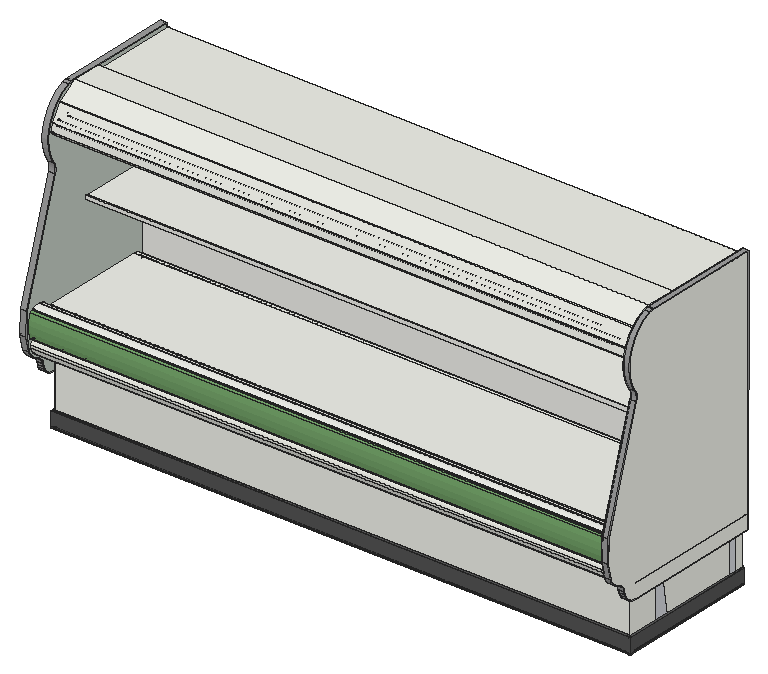
Revit family "IP2SL_2014", category Specialty Equipment, Revit 2014
Parameters (values of type "12'-0" Length")
  Width = 144 1/2"
  Waste Drain Location = if(Width < 144", 24 1/8", 72 3/16")  # 72 3/16"
  Waste Drain = 1 1/4"  # constant formula
  URL = "www.hussmann.com"
  Type Comments = ""
  Trim = Stainless Steel
  Total Weight = Case Weight + (2 * End Weight)  # 1550.00 lbf
  Top Clearance = 1 1/2"  # constant formula
  Splashguard = Textured Sheet Metal (Steel Painted) - 701 Black
  Side Panel - Right [instance] = yes
  Side Panel - Left [instance] = yes
  Shelves = Sheet Metal (Steel Painted) - 700 Interior White
  Shelf Lights [instance] = yes
  Revit Family Date = "01/22/2016"  # constant formula
  Refrigeration Lines Suction = 7/8"  # constant formula
  Refrigeration Lines Liquid = 3/8"  # constant formula
  Refrig. Suction = "Suction"
  Refrig. Liquid = "Liquid"
  Number of Supports = if(Width = 48 1/8", 2, if(Width = 72 1/4", 3, if(Width = 96 1/4", 3, if(Width = 144 1/2", 4, 0))))  # 4
  Number of Shelves = 2  # constant formula
  Note from Manufacturer = "This model only comes in 4'-0\", 6'-0\", 8'-0\", and 12'-0\" lengths."
  Model = "IP2SL"  # constant formula
  Manufacturer Disclaimer = "The information in this file is not intended to be an exact representation of the corresponding Hussmann product.  Further, we reserve the right to change or revise specifications and product design in connection with any feature of our products. Such changes do not entitle the buyer to corresponding changes, improvements, additions, or replacements for equipment previously sold or shipped."  # constant formula
  Manufacturer = "Hussmann Corporation"  # constant formula
  Height = 75 1/4"  # constant formula
  Ends = Textured Sheet Metal (Steel Painted) - 149 White Satin Matte
  End Weight = 75.00 lbf  # constant formula
  Description = ""
  Depth = 43 5/8"  # constant formula
  Clearance [instance] = no
  Case Weight = if(Width = 48 1/8", 500.00 lbf, if(Width = 72 1/4", 900.00 lbf, if(Width = 96 1/4", 1050.00 lbf, if(Width = 144 1/2", 1400.00 lbf, 0.00 lbf))))  # 1400.00 lbf
  Case Interior - Side Panel = Mirror
  Case Interior - Back Panel = Sheet Metal (Steel Painted) - 700 Interior White
  Case = Textured Sheet Metal (Steel Painted) - 149 White Satin Matte
  Bumper = Extruded PVC - 731 Garden Green
  Back Clearance = 1 1/2"  # constant formula
  Assembly Code = ""
  Accessories/Options = ""
  8 Case = Width = 72 1/4"  # no
  6 Case = Width = 96 1/4"  # no
  12 Case = Width = 144 1/2"  # yes
Reference planes (in)
  plane 1 "Back": y = 0
  plane 2 "Bottom": z = 0
  plane 3 "Top": z = 75.25
  plane 4 "Left": x = -77.30699
  plane 5 "Front": y = -43.625
  plane 6 "Center (Left/Right)": x = -5.05699
  plane 7: y = 1.5
  plane 8: x = -78.80699
  plane 9 "Right": x = 67.19301
  plane 10: x = 68.69301
  plane 11: z = 76.75
  plane 12: y = -35.22197
  plane 13: z = 48
Forms (in)
  Extrusion 1, solid, material "Metal - Copper"
    sketch origin (63.0625, 1.04319, 0) x (1, 0, 0) y (0, 1, 0)
      loop
        arc (-68.05699, -33.91819) -> (-68.49893, -34.10125) -> (-68.68199, -34.54319) r 0.625
        arc (-68.68199, -34.54319) -> (-68.49893, -34.98513) -> (-68.05699, -35.16819) r 0.625
        arc (-68.05699, -35.16819) -> (-67.61504, -34.98513) -> (-67.43199, -34.54319) r 0.625
        arc (-67.43199, -34.54319) -> (-67.61504, -34.10125) -> (-68.05699, -33.91819) r 0.625
      loop
        circle (-68.05699, -34.54319) r 0.5852
    from 16.13709 to 0
  Extrusion 2, solid, material "Metal - Copper"
    sketch origin (57.40105, 5, -0.375) x (1, 0, 0) y (0, 1, 0)
      loop
        circle (0.72946, -34) r 0.41359
      loop
        circle (0.72946, -34) r 0.4375
    from 16.51209 to 0.375
  Extrusion 3, solid, material "Metal - Copper"
    sketch origin (59.82608, 5, -0.375) x (1, 0, 0) y (0, 1, 0)
      loop
        circle (-1.07057, -34) r 0.17188
      loop
        circle (-1.07057, -34) r 0.1875
    from 16.51209 to 0.375
  Extrusion 4, solid, material "Textured Sheet Metal (Steel Painted) - 149 White Satin Matte" <- "Case"
    sketch origin (67.19301, 0, 0) x (0, 0, 1) y (0, -1, 0)
      loop
        line (16.13254, 29.11766) -> (15.06193, 27.11259)
        arc (15.06193, 27.11259) -> (15.00398, 27.02671) -> (14.90746, 26.98907) r 0.17379
        line (14.90746, 26.98907) -> (14.30842, 27.00798) -> (13.78357, 26.96206) -> (13.78357, 25.71078)
        arc (13.78357, 25.71078) -> (13.66295, 25.38384) -> (13.35892, 25.21356) r 0.50341
        line (13.35892, 25.21356) -> (10.73591, 24.79805) -> (10.73591, 17.35203)
        arc (10.73591, 17.35203) -> (10.75969, 17.23248) -> (10.82741, 17.13113) r 0.3124
        line (10.82741, 17.13113) -> (10.94297, 17.01558)
        arc (10.94297, 17.01558) -> (10.97432, 16.97346) -> (10.99227, 16.92411) r 0.18108
        arc (10.99227, 16.92411) -> (11.4695, 12.24793) -> (10.99227, 7.57175) r 23.14851
        arc (10.99227, 7.57175) -> (10.97432, 7.52241) -> (10.94297, 7.48029) r 0.18108
        line (10.94297, 7.48029) -> (10.82806, 7.36539)
        arc (10.82806, 7.36539) -> (10.75986, 7.26331) -> (10.73591, 7.14291) r 0.31463
        line (10.73591, 7.14291) -> (10.73591, 4.30582) -> (10.73591, 3.98364) -> (13.28115, 3.98369)
        arc (13.28115, 3.98369) -> (13.63712, 3.83625) -> (13.78457, 3.48028) r 0.50341
        line (13.78457, 3.48028) -> (13.78457, 2.37572) -> (14.84062, 2.3278) -> (16.79067, 0.37803)
        arc (16.79067, 0.37803) -> (17.19155, 0.09851) -> (17.67022, 0) r 1.21221
        line (17.67022, 0) -> (74.5199, 0)
        arc (74.5199, 0) -> (74.5911, 0.02949) -> (74.62059, 0.10069) r 0.10069
        line (74.62059, 0.10069) -> (74.62059, 21.81083) -> (75.66151, 21.81083) -> (75.66151, 29.15797) -> (72.66057, 33.68923)
        arc (72.66057, 33.68923) -> (72.64294, 33.80052) -> (72.57022, 33.88659) r 0.20951
        line (72.57022, 33.88659) -> (68.9735, 36.11894)
        arc (68.9735, 36.11894) -> (68.94251, 36.13473) -> (68.9093, 36.1451) r 0.2066
        line (68.9093, 36.1451) -> (67.05774, 36.55591)
        arc (67.05774, 36.55591) -> (66.99963, 36.5549) -> (66.94831, 36.52762) r 0.12446
        line (66.94831, 36.52762) -> (66.52031, 36.14892)
        arc (66.52031, 36.14892) -> (66.48931, 36.10682) -> (66.47833, 36.05571) r 0.12446
        line (66.47833, 36.05571) -> (66.47833, 35.65886)
        arc (66.47833, 35.65886) -> (66.48683, 35.61365) -> (66.51117, 35.57462) r 0.12446
        line (66.51117, 35.57462) -> (66.6934, 35.37644)
        arc (66.6934, 35.37644) -> (66.85402, 35.24175) -> (67.03449, 35.1351) r 1.27904
        arc (67.03449, 35.1351) -> (67.22713, 35.17628) -> (67.4175, 35.22693) r 3.98338
        arc (67.4175, 35.22693) -> (67.49224, 35.23914) -> (67.5553, 35.19722) r 0.10356
        line (67.5553, 35.19722) -> (67.62256, 35.11046)
        arc (67.62256, 35.11046) -> (67.71447, 35.05343) -> (67.81673, 35.01818) r 0.48533
        line (67.81673, 35.01818) -> (68.32397, 34.91104) -> (68.60733, 34.83235)
        arc (68.60733, 34.83235) -> (68.69373, 34.80039) -> (68.7852, 34.78953) r 0.39085
        line (68.7852, 34.78953) -> (69.0617, 34.78929)
        arc (69.0617, 34.78929) -> (69.10581, 34.77099) -> (69.12407, 34.72687) r 0.06242
        line (69.12407, 34.72687) -> (69.12407, 34.47465)
        spline (69.12407, 34.47465) -> (69.12353, 34.46643) -> (69.12193, 34.45836) -> (69.11928, 34.45057) -> (69.11564, 34.44319) -> (69.11107, 34.43634) -> (69.10564, 34.43016) -> (69.09946, 34.42473) -> (69.09261, 34.42016) -> (69.08523, 34.41652) -> (69.07744, 34.41387) -> (69.06937, 34.41227) -> (69.06115, 34.41173)
        line (69.06115, 34.41173) -> (68.80992, 34.41173)
        spline (68.80992, 34.41173) -> (68.80171, 34.41119) -> (68.79363, 34.40958) -> (68.78584, 34.40694) -> (68.77846, 34.4033) -> (68.77162, 34.39873) -> (68.76543, 34.3933) -> (68.76, 34.38711) -> (68.75543, 34.38027) -> (68.75179, 34.37289) -> (68.74915, 34.3651) -> (68.74754, 34.35702) -> (68.747, 34.34881)
        line (68.747, 34.34881) -> (68.747, 33.90832) -> (69.12407, 33.90832) -> (69.12407, 32.21988) -> (69.12407, 31.75108)
        arc (69.12407, 31.75108) -> (69.08747, 31.66272) -> (68.99911, 31.62612) r 0.12496
        line (68.99911, 31.62612) -> (68.78482, 31.62612)
        arc (68.78482, 31.62612) -> (68.6966, 31.58958) -> (68.66006, 31.50136) r 0.12475
        line (68.66006, 31.50136) -> (68.66006, 30.8744) -> (70.35409, 30.8744) -> (71.37769, 29.65517) -> (72.543, 28.26714) -> (74.54941, 28.26714) -> (74.54941, 27.84301) -> (73.06833, 27.84301) -> (73.06833, 24.23073) -> (71.60063, 24.23073) -> (71.58977, 22.9866) -> (69.77813, 23.00241) -> (69.63461, 6.55647) -> (27.60147, 6.55647)
        arc (27.60147, 6.55647) -> (27.29825, 7.28586) -> (26.55078, 7.54124) r 0.96044
        arc (26.55078, 7.54124) -> (24.31615, 8.81496) -> (23.20128, 11.13294) r 4.32097
        line (23.20128, 11.13294) -> (21.22851, 24.54042) -> (21.22851, 33.40032)
        arc (21.22851, 33.40032) -> (21.16181, 33.64924) -> (20.97959, 33.83146) r 0.49783
        line (20.97959, 33.83146) -> (19.85216, 34.48238)
        arc (19.85216, 34.48238) -> (19.66864, 34.6659) -> (19.60147, 34.91659) r 0.50139
        line (19.60147, 34.91659) -> (19.60147, 37.12119)
        arc (19.60147, 37.12119) -> (19.61644, 37.24237) -> (19.66047, 37.35626) r 0.49783
        line (19.66047, 37.35626) -> (20.04943, 38.08237)
        arc (20.04943, 38.08237) -> (20.22636, 38.27123) -> (20.4739, 38.3467) r 0.50139
        line (20.4739, 38.3467) -> (20.74462, 38.35616)
        arc (20.74462, 38.35616) -> (21.08779, 38.50894) -> (21.22851, 38.85724) r 0.50139
        line (21.22851, 38.85724) -> (21.22851, 39.67093)
        arc (21.22851, 39.67093) -> (21.37536, 40.02546) -> (21.72989, 40.17232) r 0.50139
        line (21.72989, 40.17232) -> (22.20163, 40.17232)
        arc (22.20163, 40.17232) -> (22.39215, 40.21021) -> (22.55366, 40.31813) r 0.49783
        line (22.55366, 40.31813) -> (23.24233, 41.00681)
        arc (23.24233, 41.00681) -> (23.40384, 41.11472) -> (23.59435, 41.15262) r 0.49783
        line (23.59435, 41.15262) -> (29.31105, 41.15262) -> (29.31105, 42.16071) -> (23.38908, 42.16071) -> (23.17886, 42.37093)
        spline (23.17886, 42.37093) -> (23.18654, 42.36158) -> (23.19225, 42.3509) -> (23.19576, 42.33932) -> (23.19695, 42.32728) -> (23.19576, 42.31524) -> (23.19225, 42.30366) -> (23.18654, 42.29299) -> (23.17887, 42.28363) -> (23.16951, 42.27596) -> (23.15884, 42.27025) -> (23.14726, 42.26674) -> (23.13521, 42.26555)
        line (23.13521, 42.26555) -> (22.83811, 42.26555) -> (22.83811, 42.38258)
        arc (22.83811, 42.38258) -> (22.44526, 42.76126) -> (21.94778, 42.98542) r 1.59546
        arc (21.94778, 42.98542) -> (21.58728, 43.01726) -> (21.23583, 42.93093) r 1.10499
        line (21.23583, 42.93093) -> (19.93921, 42.37448)
        arc (19.93921, 42.37448) -> (19.85988, 42.32321) -> (19.80195, 42.2486) r 0.28177
        line (19.80195, 42.2486) -> (16.74132, 36.53503) -> (16.97935, 36.40752) -> (16.13254, 34.82669) -> (16.13254, 29.11766)
    from 0 to -144.5
  Extrusion 5, solid, material "Extruded PVC - 731 Garden Green" <- "Bumper"
    sketch origin (67.19301, 0, 0) x (0, 0, 1) y (0, -1, 0)
      loop
        arc (23.53109, 43.2207) -> (23.25853, 43.00849) -> (23.07652, 42.7149) r 0.98023
        arc (23.07652, 42.7149) -> (23.06405, 42.68197) -> (23.05264, 42.64866) r 1.10618
        arc (23.05264, 42.64866) -> (23.05682, 42.54529) -> (23.09897, 42.45082) r 0.27444
        line (23.09897, 42.45082) -> (23.38908, 42.16071) -> (29.31105, 42.16071) -> (29.75222, 42.35628)
        arc (29.75222, 42.35628) -> (29.72676, 42.53869) -> (29.67321, 42.7149) r 1.17936
        arc (29.67321, 42.7149) -> (29.51565, 42.98021) -> (29.28342, 43.18339) r 0.98023
        arc (29.28342, 43.18339) -> (26.41024, 43.66217) -> (23.53109, 43.2207) r 9.21958
    from 0 to -144.5
  Extrusion 6, solid, material "Sheet Metal (Steel Painted) - 700 Interior White" <- "Shelves"
    sketch origin (67.19301, 0, 0) x (0, 0, 1) y (0, -1, 0)
      loop
        line (28.44059, 10.53714) -> (28.44059, 36.60925) -> (27.94513, 36.60925) -> (27.94513, 37.0238)
        arc (27.94513, 37.0238) -> (27.93203, 37.12334) -> (27.89361, 37.21609) r 0.38458
        line (27.89361, 37.21609) -> (27.80975, 37.36133) -> (27.41651, 37.36133) -> (27.41651, 37.31522) -> (27.58247, 37.02777) -> (27.58247, 35.60648) -> (27.81395, 35.60648) -> (27.81395, 10.53714) -> (27.96032, 10.53714) -> (27.96032, 10.08103) -> (27.96032, 9.88433) -> (27.59726, 9.88433) -> (27.59726, 8.95433) -> (27.4308, 8.66601) -> (27.4308, 8.62685) -> (27.82735, 8.62685) -> (27.96126, 8.8588) -> (27.96126, 9.54941)
        arc (27.96126, 9.54941) -> (28.00987, 9.43205) -> (28.12722, 9.38345) r 0.16596
        arc (28.12722, 9.38345) -> (28.20273, 9.40176) -> (28.26145, 9.45264) r 0.16478
        line (28.26145, 9.45264) -> (28.39274, 9.67837) -> (28.39274, 10.53714) -> (28.44059, 10.53714)
      loop
        arc (25.37513, 36.7237) -> (25.32073, 36.8262) -> (25.21216, 36.86718) r 0.16429
        line (25.21216, 36.86718) -> (25.10796, 36.86718)
        arc (25.10796, 36.86718) -> (24.94347, 36.92927) -> (24.86105, 37.08457) r 0.24892
        line (24.86105, 37.08457) -> (24.73618, 38.06271) -> (24.63669, 38.05001) -> (24.65491, 37.84179) -> (24.78109, 36.85334) -> (26.28388, 25.08154)
        arc (26.28388, 25.08154) -> (26.36839, 24.19679) -> (26.39659, 23.30847) r 14.00174
        line (26.39659, 23.30847) -> (26.39659, 16.48461)
        arc (26.39659, 16.48461) -> (26.45855, 16.30518) -> (26.61803, 16.20221) r 0.2908
        arc (26.61803, 16.20221) -> (26.68628, 16.15814) -> (26.71279, 16.08134) r 0.12446
        line (26.71279, 16.08134) -> (26.71279, 8.56421)
        arc (26.71279, 8.56421) -> (26.6566, 8.52237) -> (26.58812, 8.50753) r 0.16546
        line (26.58812, 8.50753) -> (26.48684, 8.50753)
        arc (26.48684, 8.50753) -> (26.30958, 8.43411) -> (26.23615, 8.25684) r 0.25069
        line (26.23615, 8.25684) -> (26.23615, 7.8154) -> (26.30935, 7.81553) -> (26.30935, 8.18364)
        arc (26.30935, 8.18364) -> (26.38278, 8.3609) -> (26.56005, 8.43433) r 0.25069
        line (26.56005, 8.43433) -> (26.67067, 8.43433) -> (27.04481, 8.43433)
        arc (27.04481, 8.43433) -> (27.13282, 8.47078) -> (27.16927, 8.55879) r 0.12446
        line (27.16927, 8.55879) -> (27.16927, 19.54514)
        arc (27.16927, 19.54514) -> (27.14214, 19.63557) -> (27.06971, 19.69614) r 0.16429
        arc (27.06971, 19.69614) -> (26.99675, 19.75713) -> (26.96943, 19.84821) r 0.16546
        line (26.96943, 19.84821) -> (26.96943, 23.31504)
        arc (26.96943, 23.31504) -> (26.94027, 24.23315) -> (26.85293, 25.14756) r 14.47131
        line (26.85293, 25.14756) -> (25.37513, 36.7237)
      loop
        arc (26.32366, 25.08662) -> (26.40842, 24.19934) -> (26.4367, 23.30847) r 14.04185
        line (26.4367, 23.30847) -> (26.4367, 16.49497)
        arc (26.4367, 16.49497) -> (26.5024, 16.32579) -> (26.66505, 16.24528) r 0.25069
        arc (26.66505, 16.24528) -> (26.77163, 16.19251) -> (26.81468, 16.08165) r 0.16429
        line (26.81468, 16.08165) -> (26.81468, 8.67266)
        arc (26.81468, 8.67266) -> (26.76657, 8.5565) -> (26.6504, 8.50838) r 0.16429
        line (26.6504, 8.50838) -> (26.85031, 8.50838)
        arc (26.85031, 8.50838) -> (26.96648, 8.5565) -> (27.0146, 8.67266) r 0.16429
        line (27.0146, 8.67266) -> (27.0146, 19.46703)
        arc (27.0146, 19.46703) -> (26.98761, 19.55724) -> (26.91553, 19.61782) r 0.16429
        arc (26.91553, 19.61782) -> (26.84293, 19.67883) -> (26.81575, 19.76968) r 0.16546
        line (26.81575, 19.76968) -> (26.81575, 23.31497)
        arc (26.81575, 23.31497) -> (26.78691, 24.2234) -> (26.70048, 25.12817) r 14.31872
        line (26.70048, 25.12817) -> (25.3498, 35.70851)
        arc (25.3498, 35.70851) -> (25.29265, 35.81378) -> (25.17942, 35.8532) r 0.16546
        arc (25.17942, 35.8532) -> (25.00787, 35.91246) -> (24.92128, 36.07196) r 0.25069
        line (24.92128, 36.07196) -> (26.32366, 25.08662)
    from 0 to -144.5
  Extrusion 7, solid, material "Sheet Metal (Steel Painted) - 700 Interior White" <- "Case Interior - Back Panel"
    sketch origin (67.19301, 0, 0) x (0, 0, 1) y (0, -1, 0)
      loop
        arc (25.63602, 7.85242) -> (26.31571, 7.59974) -> (27.02808, 7.46428) r 4.32097
        arc (27.02808, 7.46428) -> (27.458, 7.09076) -> (27.60081, 6.53943) r 0.96044
        line (27.60081, 6.53943) -> (69.63446, 6.53943) -> (69.79215, 24.6091) -> (69.41612, 24.61238) -> (69.26986, 7.85242) -> (25.63602, 7.85242)
    from 0 to -144.5
  Extrusion 8, solid, material "Textured Sheet Metal (Steel Painted) - 149 White Satin Matte" <- "Ends", visible <- "Side Panel - Right"
    sketch origin (67.19301, 0, 0) x (0, 0, 1) y (0, -1, 0)
      loop
        arc (17.86589, 40.39382) -> (17.08249, 39.43818) -> (15.98034, 38.87939) r 2.99995
        line (15.98034, 38.87939) -> (15.03076, 38.62494)
        arc (15.03076, 38.62494) -> (13.42718, 37.55347) -> (12.80725, 35.72721) r 2.99995
        line (12.80725, 35.72721) -> (12.75926, 35.72721) -> (12.75926, -0.00022) -> (75.48926, -0.00022) -> (75.48926, 29.63436) -> (75.44127, 29.63436)
        arc (75.44127, 29.63436) -> (75.38405, 30.21748) -> (75.21457, 30.77836) r 2.99995
        arc (75.21457, 30.77836) -> (68.54359, 36.82586) -> (59.64038, 35.48157) r 10.49984
        arc (59.64038, 35.48157) -> (58.38585, 34.99922) -> (57.04661, 35.11307) r 2.99995
        line (57.04661, 35.11307) -> (29.85838, 43.84423) -> (24.27437, 44.07527) -> (20.50895, 43.20143)
        arc (20.50895, 43.20143) -> (19.34828, 42.64946) -> (18.52512, 41.66244) r 2.99995
        line (18.52512, 41.66244) -> (17.86589, 40.39382)
    from 1.5 to 0.03125
  Extrusion 9, solid, material "Mirror" <- "Case Interior - Side Panel", visible <- "Side Panel - Right"
    sketch origin (67.19301, 0, 0) x (0, 0, 1) y (0, -1, 0)
      loop
        arc (17.86589, 40.39382) -> (17.08249, 39.43818) -> (15.98034, 38.87939) r 2.99995
        line (15.98034, 38.87939) -> (15.03076, 38.62494)
        arc (15.03076, 38.62494) -> (13.42718, 37.55347) -> (12.80725, 35.72721) r 2.99995
        line (12.80725, 35.72721) -> (12.75926, 35.72721) -> (12.75926, -0.00022) -> (75.48926, -0.00022) -> (75.48926, 29.63436) -> (75.44127, 29.63436)
        arc (75.44127, 29.63436) -> (75.38405, 30.21748) -> (75.21457, 30.77836) r 2.99995
        arc (75.21457, 30.77836) -> (68.54359, 36.82586) -> (59.64038, 35.48157) r 10.49984
        arc (59.64038, 35.48157) -> (58.38585, 34.99922) -> (57.04661, 35.11307) r 2.99995
        line (57.04661, 35.11307) -> (29.85838, 43.84423) -> (24.27437, 44.07527) -> (20.50895, 43.20143)
        arc (20.50895, 43.20143) -> (19.34828, 42.64946) -> (18.52512, 41.66244) r 2.99995
        line (18.52512, 41.66244) -> (17.86589, 40.39382)
    from 0.03125 to 0
  Extrusion 10, solid, material "Textured Sheet Metal (Steel Painted) - 149 White Satin Matte" <- "Ends", visible <- "Side Panel - Left"
    sketch origin (-77.30699, 0, 0) x (0, 1, 0) y (0, 0, 1)
      loop
        arc (-40.39382, 17.86589) -> (-39.43818, 17.08249) -> (-38.87939, 15.98034) r 2.99995
        line (-38.87939, 15.98034) -> (-38.62494, 15.03076)
        arc (-38.62494, 15.03076) -> (-37.55347, 13.42718) -> (-35.72721, 12.80725) r 2.99995
        line (-35.72721, 12.80725) -> (-35.72721, 12.75926) -> (0.00022, 12.75926) -> (0.00022, 75.48926) -> (-29.63436, 75.48926) -> (-29.63436, 75.44127)
        arc (-29.63436, 75.44127) -> (-30.21748, 75.38405) -> (-30.77836, 75.21457) r 2.99995
        arc (-30.77836, 75.21457) -> (-36.82586, 68.54359) -> (-35.48157, 59.64038) r 10.49984
        arc (-35.48157, 59.64038) -> (-34.99922, 58.38585) -> (-35.11307, 57.04661) r 2.99995
        line (-35.11307, 57.04661) -> (-43.84423, 29.85838) -> (-44.07527, 24.27437) -> (-43.20143, 20.50895)
        arc (-43.20143, 20.50895) -> (-42.64946, 19.34828) -> (-41.66244, 18.52512) r 2.99995
        line (-41.66244, 18.52512) -> (-40.39382, 17.86589)
    from -0.03125 to -1.5
  Extrusion 11, solid, material "Mirror" <- "Case Interior - Side Panel", visible <- "Side Panel - Left"
    sketch origin (-77.30699, 0, 0) x (0, 1, 0) y (0, 0, 1)
      loop
        arc (-40.39382, 17.86589) -> (-39.43818, 17.08249) -> (-38.87939, 15.98034) r 2.99995
        line (-38.87939, 15.98034) -> (-38.62494, 15.03076)
        arc (-38.62494, 15.03076) -> (-37.55347, 13.42718) -> (-35.72721, 12.80725) r 2.99995
        line (-35.72721, 12.80725) -> (-35.72721, 12.75926) -> (0.00022, 12.75926) -> (0.00022, 75.48926) -> (-29.63436, 75.48926) -> (-29.63436, 75.44127)
        arc (-29.63436, 75.44127) -> (-30.21748, 75.38405) -> (-30.77836, 75.21457) r 2.99995
        arc (-30.77836, 75.21457) -> (-36.82586, 68.54359) -> (-35.48157, 59.64038) r 10.49984
        arc (-35.48157, 59.64038) -> (-34.99922, 58.38585) -> (-35.11307, 57.04661) r 2.99995
        line (-35.11307, 57.04661) -> (-43.84423, 29.85838) -> (-44.07527, 24.27437) -> (-43.20143, 20.50895)
        arc (-43.20143, 20.50895) -> (-42.64946, 19.34828) -> (-41.66244, 18.52512) r 2.99995
        line (-41.66244, 18.52512) -> (-40.39382, 17.86589)
    from 0 to -0.03125
  Extrusion 12, solid, material "Stainless Steel" <- "Trim"
    sketch origin (67.19301, 0, 0) x (0, 0, 1) y (0, -1, 0)
      loop
        line (2.94201, 0.90695) -> (2.62114, 0.90695) -> (2.62114, 0.84996) -> (2.92704, 0.84996)
        arc (2.92704, 0.84996) -> (2.97794, 0.87105) -> (2.999, 0.92196) r 0.07196
        line (2.999, 0.92196) -> (2.999, 2.18755)
        arc (2.999, 2.18755) -> (2.97791, 2.23844) -> (2.92701, 2.25951) r 0.07199
        line (2.92701, 2.25951) -> (0.07193, 2.25951)
        arc (0.07193, 2.25951) -> (0.02199, 2.23936) -> (0, 2.1902) r 0.07199
        line (0, 2.1902) -> (0, 0.92016)
        arc (0, 0.92016) -> (0.02167, 0.8704) -> (0.07194, 0.84992) r 0.07196
        line (0.07194, 0.84992) -> (0.37783, 0.84992) -> (0.37783, 0.9069) -> (0.05694, 0.9069) -> (0.05694, 2.20252) -> (2.94201, 2.20252) -> (2.94201, 0.90695)
    from 0 to -144.5
  Sweep 13, solid, material "Stainless Steel" <- "Trim", visible <- "Side Panel - Right"
    path origin (67.19301, 0, 0) x (0, 0, 1) y (0, -1, 0)
      loop
        line (12.75926, -0.00022) -> (75.48926, -0.00022) -> (75.48926, 29.63436) -> (75.44127, 29.63436)
        arc (75.44127, 29.63436) -> (75.38405, 30.21748) -> (75.21457, 30.77836) r 2.99995
        arc (75.21457, 30.77836) -> (68.54359, 36.82586) -> (59.64038, 35.48157) r 10.49984
        arc (59.64038, 35.48157) -> (58.38585, 34.99922) -> (57.04661, 35.11307) r 2.99995
        line (57.04661, 35.11307) -> (29.85838, 43.84423) -> (24.27437, 44.07527) -> (20.50895, 43.20143)
        arc (20.50895, 43.20143) -> (19.34828, 42.64946) -> (18.52512, 41.66244) r 2.99995
        line (18.52512, 41.66244) -> (17.86589, 40.39382)
        arc (17.86589, 40.39382) -> (17.08249, 39.43818) -> (15.98034, 38.87939) r 2.99995
        line (15.98034, 38.87939) -> (15.03076, 38.62494)
        arc (15.03076, 38.62494) -> (13.42718, 37.55347) -> (12.80725, 35.72721) r 2.99995
        line (12.80725, 35.72721) -> (12.75926, 35.72721) -> (12.75926, -0.00022)
    profile origin (67.19301, -17.8635, 12.75926) x (0, 0, -1) y (1, 0, 0)
      loop
        line (0, 0) -> (0.0625, 0) -> (0.0625, 1.5) -> (0, 1.5) -> (0, 0)
  Sweep 14, solid, material "Stainless Steel" <- "Trim", visible <- "Side Panel - Left"
    path origin (-77.30699, 0, 0) x (0, 1, 0) y (0, 0, 1)
      loop
        line (0.00022, 12.75926) -> (0.00022, 75.48926) -> (-29.63436, 75.48926) -> (-29.63436, 75.44127)
        arc (-29.63436, 75.44127) -> (-30.21748, 75.38405) -> (-30.77836, 75.21457) r 2.99995
        arc (-30.77836, 75.21457) -> (-36.82586, 68.54359) -> (-35.48157, 59.64038) r 10.49984
        arc (-35.48157, 59.64038) -> (-34.99922, 58.38585) -> (-35.11307, 57.04661) r 2.99995
        line (-35.11307, 57.04661) -> (-43.84423, 29.85838) -> (-44.07527, 24.27437) -> (-43.20143, 20.50895)
        arc (-43.20143, 20.50895) -> (-42.64946, 19.34828) -> (-41.66244, 18.52512) r 2.99995
        line (-41.66244, 18.52512) -> (-40.39382, 17.86589)
        arc (-40.39382, 17.86589) -> (-39.43818, 17.08249) -> (-38.87939, 15.98034) r 2.99995
        line (-38.87939, 15.98034) -> (-38.62494, 15.03076)
        arc (-38.62494, 15.03076) -> (-37.55347, 13.42718) -> (-35.72721, 12.80725) r 2.99995
        line (-35.72721, 12.80725) -> (-35.72721, 12.75926) -> (0.00022, 12.75926)
    profile origin (-77.30699, -17.8635, 12.75926) x (0, 0, -1) y (1, 0, 0)
      loop
        line (0, 0) -> (0, -1.5) -> (0.0625, -1.5) -> (0.0625, 0) -> (0, 0)
  Sweep 15, solid, material "Textured Sheet Metal (Steel Painted) - 149 White Satin Matte" <- "Case"
    path origin (0, 0, 0) x (1, 0, 0) y (0, 1, 0)
      loop
        line (-77.30699, 0) -> (-77.30699, -35.22197) -> (67.19301, -35.22197) -> (67.19301, 0)
    profile origin (-5.05699, -35.22197, 0) x (0, 1, 0) y (0, 0, 1)
      loop
        line (0.035, 2.13805) -> (0.035, 15.2816)
        arc (0.035, 15.2816) -> (0.0283, 15.3066) -> (0.01, 15.3249) r 0.05
        line (0.01, 15.3249) -> (-0.99297, 15.90397) -> (-0.99297, 16.57076) -> (-1.02797, 16.57076) -> (-1.02797, 15.91263)
        arc (-1.02797, 15.91263) -> (-1.02127, 15.88763) -> (-1.00297, 15.86933) r 0.05
        line (-1.00297, 15.86933) -> (0, 15.29026) -> (0, 2.13805) -> (0.035, 2.13805)
  Sweep 16, solid, material "Textured Sheet Metal (Steel Painted) - 701 Black" <- "Splashguard"
    path origin (0, 0, 0) x (1, 0, 0) y (0, 1, 0)
      loop
        line (-77.30699, 0) -> (-77.30699, -35.22197) -> (67.19301, -35.22197) -> (67.19301, 0)
    profile origin (-5.05699, -35.22197, 0) x (0, 1, 0) y (0, 0, 1)
      loop
        arc (0, 3.97362) -> (-0.02734, 4.01818) -> (-0.07945, 4.01402) r 0.05
        line (-0.07945, 4.01402) -> (-0.46846, 3.73045)
        arc (-0.46846, 3.73045) -> (-0.48357, 3.71271) -> (-0.48901, 3.69004) r 0.05
        line (-0.48901, 3.69004) -> (-0.48901, 0.04909)
        arc (-0.48901, 0.04909) -> (-0.46401, 0.00579) -> (-0.41401, 0.00579) r 0.05
        line (-0.41401, 0.00579) -> (-0.33901, 0.04909) -> (-0.14057, 0.04909)
        arc (-0.14057, 0.04909) -> (-0.06087, -0.00005) -> (0, 0.07109) r 0.07201
        line (0, 0.07109) -> (0, 3.97362)
  Extrusion 17, solid, material "Sheet Metal (Steel Painted) - 700 Interior White" <- "Case Interior - Back Panel"
    sketch origin (-77.30699, -30.92707, -17.27258) x (0, 1, 0) y (0, 0, 1)
      loop
        arc (-3.56802, 84.71341) -> (-3.53906, 84.68444) -> (-3.51009, 84.71341) r 0.02897
        line (-3.51009, 84.71341) -> (-3.51009, 85.92941) -> (-2.49037, 85.92941) -> (-2.49037, 84.71181) -> (-1.30573, 84.71181) -> (-1.30573, 85.92902) -> (-1.10972, 85.92902) -> (-1.10972, 85.85037) -> (-0.99621, 85.85037) -> (-0.99621, 85.60444) -> (-0.67859, 85.60444) -> (-0.67859, 85.85037) -> (-0.56509, 85.85037) -> (-0.56509, 85.92902) -> (0.07415, 85.92902) -> (-0.13985, 85.92058)
        arc (-0.13985, 85.92058) -> (-0.18561, 85.90162) -> (-0.20457, 85.85586) r 0.06472
        line (-0.20457, 85.85586) -> (-0.20457, 85.55872) -> (-0.09258, 85.47006)
        arc (-0.09258, 85.47006) -> (0.05747, 85.38058) -> (0.22938, 85.34943) r 0.49
        line (0.22938, 85.34943) -> (0.87591, 85.34943)
        arc (0.87591, 85.34943) -> (0.90929, 85.36326) -> (0.92311, 85.39663) r 0.0472
        arc (0.92311, 85.39663) -> (0.8975, 85.42346) -> (0.87333, 85.39532) r 0.02502
        line (0.87333, 85.39532) -> (0.52013, 85.39532) -> (0.52013, 85.64628) -> (0.89456, 85.64628)
        arc (0.89456, 85.64628) -> (0.91946, 85.67117) -> (0.89456, 85.69606) r 0.02489
        line (0.89456, 85.69606) -> (5.95429, 85.69606)
        arc (5.95429, 85.69606) -> (5.93624, 85.67128) -> (5.9589, 85.65063) r 0.02297
        line (5.9589, 85.65063) -> (6.22964, 85.64826)
        arc (6.22964, 85.64826) -> (6.25648, 85.65911) -> (6.26779, 85.68576) r 0.03783
        line (6.26779, 85.68576) -> (6.28012, 87.09857) -> (7.92495, 87.08421) -> (7.94047, 88.86235) -> (6.69634, 88.87321) -> (6.69634, 90.34091) -> (3.07916, 90.34091) -> (3.07916, 91.82199) -> (2.65993, 91.82199) -> (2.65993, 89.81559) -> (1.26515, 88.64461) -> (0.07415, 87.64471) -> (0.07415, 85.95791) -> (-3.5242, 85.95791)
        arc (-3.5242, 85.95791) -> (-3.55519, 85.94508) -> (-3.56802, 85.91409) r 0.04383
        line (-3.56802, 85.91409) -> (-3.56802, 84.71341)
    from 0 to 144.5
  Extrusion 18, solid, material "Sheet Metal (Steel Painted) - 700 Interior White" <- "Case Interior - Back Panel"
    sketch origin (67.19301, 0, 0) x (0, 0, 1) y (0, -1, 0)
      loop
        arc (30.23133, 40.37722) -> (30.17874, 41.3897) -> (29.80292, 42.33132) r 3.10624
        arc (29.80292, 42.33132) -> (29.78145, 42.35169) -> (29.75222, 42.35628) r 0.04978
        line (29.75222, 42.35628) -> (29.31105, 42.16071) -> (29.31105, 41.15262) -> (23.59435, 41.15262)
        arc (23.59435, 41.15262) -> (23.40384, 41.11472) -> (23.24233, 41.00681) r 0.49783
        line (23.24233, 41.00681) -> (22.55366, 40.31813)
        arc (22.55366, 40.31813) -> (22.39215, 40.21021) -> (22.20163, 40.17232) r 0.49783
        line (22.20163, 40.17232) -> (21.72989, 40.17232)
        arc (21.72989, 40.17232) -> (21.37536, 40.02546) -> (21.22851, 39.67093) r 0.50139
        line (21.22851, 39.67093) -> (21.22851, 38.85724)
        arc (21.22851, 38.85724) -> (21.08779, 38.50894) -> (20.74462, 38.35616) r 0.50139
        line (20.74462, 38.35616) -> (20.4739, 38.3467)
        arc (20.4739, 38.3467) -> (20.22636, 38.27123) -> (20.04943, 38.08237) r 0.50139
        line (20.04943, 38.08237) -> (19.66047, 37.35626)
        arc (19.66047, 37.35626) -> (19.61644, 37.24237) -> (19.60147, 37.12119) r 0.49783
        line (19.60147, 37.12119) -> (19.60147, 34.91659)
        arc (19.60147, 34.91659) -> (19.66864, 34.6659) -> (19.85216, 34.48238) r 0.50139
        line (19.85216, 34.48238) -> (20.97959, 33.83146)
        arc (20.97959, 33.83146) -> (21.16181, 33.64924) -> (21.22851, 33.40032) r 0.49783
        line (21.22851, 33.40032) -> (21.22851, 24.54042) -> (23.20128, 11.13294)
        arc (23.20128, 11.13294) -> (24.03381, 9.15032) -> (25.71887, 7.81448) r 4.32097
        line (25.71887, 7.81448) -> (26.21946, 7.81537) -> (26.21946, 8.26584)
        arc (26.21946, 8.26584) -> (26.29024, 8.43671) -> (26.46111, 8.50748) r 0.24165
        line (26.46111, 8.50748) -> (26.58503, 8.50748)
        arc (26.58503, 8.50748) -> (26.68549, 8.53722) -> (26.75358, 8.61685) r 0.18457
        line (26.75358, 8.61685) -> (26.75358, 16.08048)
        arc (26.75358, 16.08048) -> (26.71833, 16.18257) -> (26.62759, 16.24116) r 0.16546
        arc (26.62759, 16.24116) -> (26.49012, 16.32993) -> (26.4367, 16.48461) r 0.25069
        line (26.4367, 16.48461) -> (26.4367, 22.99427)
        arc (26.4367, 22.99427) -> (26.4085, 23.88259) -> (26.32399, 24.76733) r 14.00174
        line (26.32399, 24.76733) -> (24.75096, 37.08936) -> (24.63005, 38.03648) -> (24.61595, 38.19773) -> (28.20437, 38.19773) -> (29.13334, 38.35515)
        arc (29.13334, 38.35515) -> (29.1546, 38.36231) -> (29.1726, 38.37569) r 0.0717
        line (29.1726, 38.37569) -> (30.07798, 39.3008)
        arc (30.07798, 39.3008) -> (30.09097, 39.31909) -> (30.09767, 39.3405) r 0.0717
        line (30.09767, 39.3405) -> (30.23181, 40.25081)
        arc (30.23181, 40.25081) -> (30.21895, 40.30331) -> (30.17308, 40.33191) r 0.0717
        arc (30.17308, 40.33191) -> (30.21174, 40.34297) -> (30.23133, 40.37722) r 0.04978
    from 0 to -144.5
Cuts and joins
  joined: Extrusion 4, Sweep 15
Lines and regions (in)
  reference lines
    curve 1: line (-4.99449, -43.625, 0) -> (-4.99449, 0, 0)
    curve 2: line (58.56801, -43.625, 0) -> (58.56801, 0, 0)
    curve 3: line (-77.30699, -33.5, 0) -> (67.19301, -33.5, 0)
    curve 4: line (67.19301, -29, 0) -> (-77.30699, -29, 0)
  symbolic lines, style "Clearance", visible <- "Clearance"
    curve 5: line (-77.30699, 0, 0) -> (-77.30699, 1.5, 0)
    curve 6: line (-77.30699, 1.5, 0) -> (67.19301, 1.5, 0)
    curve 7: line (67.19301, 1.5, 0) -> (67.19301, 0, 0)
    curve 8: line (67.19301, 0.06272, 74.62059) -> (67.19301, 1.5, 74.62059)
    curve 9: line (67.19301, 1.5, 74.62059) -> (67.19301, 1.5, 0)
    curve 10: line (67.19301, 1.5, 0) -> (67.19301, 0, 0)
    curve 11: line (67.19301, 0, 75.55176) -> (67.19301, 0, 76.75)
    curve 12: line (67.19301, 0, 76.75) -> (67.19301, -37.33669, 76.75)
    curve 13: line (67.19301, -37.33669, 65.50816) -> (67.19301, -37.33669, 76.75)
    curve 14: line (-77.30699, -40, 75.55176) -> (-77.30699, -40, 76.75)
    curve 15: line (-77.30699, -40, 76.75) -> (67.19301, -40, 76.75)
    curve 16: line (67.19301, -40, 76.75) -> (67.19301, -40, 75.55176)
Dimensions and locks (in)
  equal spacing: plane 4 "Left", plane 6 "Center (Left/Right)", plane 9 "Right"
  locked: plane 8 to plane 4 "Left" at 1.5
  "Width": plane 4 "Left" to plane 9 "Right"
  "Waste Drain Location": curve 1 to plane 9 "Right"
  "Depth": plane 5 "Front" to plane 1 "Back"
  "Back Clearance": plane 1 "Back" to plane 7
  locked: curve 2 to plane 9 "Right" at 8.625
  "Height": plane 3 "Top" to level
  locked: plane 1 "Back" to curve 3 at 33.5
  locked: plane 1 "Back" to curve 4 at 29
  locked: plane 9 "Right" to plane 10 at 1.5
  "Top Clearance": plane 11 to plane 3 "Top"
  locked: Extrusion 1 sketch curve to Extrusion 1 sketch curve at 0.0398
  locked: Extrusion 3 sketch curve to Extrusion 3 sketch curve at 0.01562
  locked: Extrusion 2 sketch curve to Extrusion 2 sketch curve at 0.02391
  locked: Extrusion 9 to plane 9 "Right" at 0.03125
  locked: plane 4 "Left" to Extrusion 11 at 0.03125
  nested 6 to plane 6 "Center (Left/Right)" to nested 4 = 24" locked, 24" locked
  plane 13 to level = 48"
  "Waste Drain": diameter of Extrusion 1 sketch curve
  "Refrigeration Lines Liquid": diameter of Extrusion 3 sketch curve
  "Refrigeration Lines Suction": diameter of Extrusion 2 sketch curve
  aligned and locked: plane 5 "Front" to curve 1
  aligned and locked: plane 4 "Left" to curve 3
  aligned and locked: plane 4 "Left" to curve 4
  aligned and locked: plane 9 "Right" to curve 4
  aligned and locked: plane 9 "Right" to curve 3
  aligned and locked: Extrusion 2 to level
  aligned and locked: Extrusion 3 to level
  aligned and locked: curve 4 to Extrusion 3 sketch curve  (x4)
  aligned and locked: curve 4 to Extrusion 2 sketch curve  (x4)
  aligned and locked: curve 3 to Extrusion 1 sketch curve  (x3)
  aligned and locked: curve 1 to Extrusion 1 sketch curve
  aligned and locked: curve 2 to Extrusion 3 sketch curve
  aligned and locked: curve 2 to Extrusion 2 sketch curve
  aligned and locked: Extrusion 1 to level
  aligned and locked: Extrusion 4 to plane 4 "Left"
  aligned and locked: plane 9 "Right" to Extrusion 4
  aligned and locked: Extrusion 2 to Extrusion 1
  aligned and locked: Extrusion 3 to Extrusion 1
  aligned and locked: Extrusion 5 to plane 4 "Left"
  aligned and locked: plane 9 "Right" to Extrusion 5
  aligned and locked: Extrusion 6 to plane 4 "Left"
  aligned and locked: plane 9 "Right" to Extrusion 6
  aligned and locked: Extrusion 7 to plane 4 "Left"
  aligned and locked: plane 9 "Right" to Extrusion 7
  aligned and locked: plane 10 to Extrusion 8
  aligned and locked: Extrusion 9 to plane 9 "Right"
  aligned and locked: Extrusion 8 to Extrusion 9
  aligned and locked: plane 8 to Extrusion 10
  aligned and locked: plane 4 "Left" to Extrusion 11
  aligned and locked: Extrusion 10 to Extrusion 11
  aligned and locked: Extrusion 12 to plane 4 "Left"
  aligned and locked: plane 9 "Right" to Extrusion 12
  aligned and locked: plane 10 to Sweep 13 sketch curve
  aligned and locked: Sweep 13 sketch curve to plane 9 "Right"
  aligned and locked: plane 4 "Left" to Sweep 14 sketch curve
  aligned and locked: plane 8 to Sweep 14 sketch curve
  aligned and locked: plane 4 "Left" to nested 1
  aligned and locked: plane 4 "Left" to nested 2
  aligned and locked: curve 7 to plane 9 "Right"
  aligned and locked: plane 4 "Left" to curve 5
  aligned and locked: curve 6 to plane 7
  aligned and locked: curve 9 to plane 7
  aligned and locked: level to curve 10
  aligned and locked: curve 11 to plane 1 "Back"
  aligned and locked: curve 12 to plane 11
  aligned and locked: plane 11 to curve 15
  aligned and locked: curve 16 to plane 9 "Right"
  aligned and locked: plane 4 "Left" to curve 14
  aligned and locked: Sweep 15 sketch curve to plane 4 "Left"
  aligned and locked: Sweep 15 sketch curve to plane 9 "Right"
  aligned and locked: plane 6 "Center (Left/Right)" to nested 8
  aligned and locked: plane 6 "Center (Left/Right)" to nested 7
  aligned and locked: Sweep 16 sketch curve to plane 12
  aligned and locked: Sweep 15 sketch curve to plane 12
  aligned and locked: plane 4 "Left" to nested 9
  aligned and locked: Extrusion 17 to plane 4 "Left"
  aligned and locked: plane 9 "Right" to Extrusion 17
  aligned and locked: Sweep 16 sketch curve to plane 4 "Left"
  aligned and locked: Sweep 16 sketch curve to plane 9 "Right"
  aligned and locked: Extrusion 18 to plane 4 "Left"
  aligned and locked: plane 9 "Right" to Extrusion 18
  aligned and locked: plane 9 "Right" to nested 5
Automatic sketch dimensions
  curve 5 to curve 5 = 1 1/2"
  curve 7 to curve 6 = 1 1/2"
  Sweep 15 sketch curve to plane 7 = 1 1/2"  (x2)
  Extrusion 6 sketch curve to Extrusion 6 sketch curve = 0"  (x9)
  level to Extrusion 6 sketch curve = 12.39486"
  Extrusion 6 sketch curve to Extrusion 6 sketch curve = 0.10217"
  Extrusion 6 sketch curve to Extrusion 6 sketch curve = 0.00109"
  Extrusion 6 sketch curve to plane 12 = 2.82804"
  Extrusion 6 sketch curve to Extrusion 6 sketch curve = 12.13857"
  Extrusion 6 sketch curve to plane 12 = 2.61982"
  Extrusion 6 sketch curve to Extrusion 6 sketch curve = 0.01822"
  Extrusion 6 sketch curve to Extrusion 6 sketch curve = 0.09949"
  Extrusion 6 sketch curve to plane 12 = 1.63137"
  Extrusion 6 sketch curve to Extrusion 6 sketch curve = 0.12618"
  Extrusion 6 sketch curve to plane 12 = 1.8626"
  Extrusion 6 sketch curve to Extrusion 6 sketch curve = 0.07996"
  Extrusion 6 sketch curve to Extrusion 6 sketch curve = 0.24691"
  Extrusion 6 sketch curve to Extrusion 6 sketch curve = 0.06199"
  Extrusion 6 sketch curve to Extrusion 6 sketch curve = 0.01572"
  Extrusion 6 sketch curve to Extrusion 6 sketch curve = 0.1042"
  Extrusion 6 sketch curve to plane 12 = 0.48654"
  Extrusion 6 sketch curve to Extrusion 6 sketch curve = 0.16413"
  Extrusion 6 sketch curve to plane 12 = 1.50172"
  Extrusion 6 sketch curve to Extrusion 6 sketch curve = 0.16296"
  Extrusion 6 sketch curve to Extrusion 6 sketch curve = 13.73803"
  plane 12 to Extrusion 6 sketch curve = 10.14044"
  Extrusion 6 sketch curve to Extrusion 6 sketch curve = 1.0982"
  Extrusion 6 sketch curve to Extrusion 6 sketch curve = 0.0732"  (x2)
  plane 12 to Extrusion 6 sketch curve = 10.13536"
  Extrusion 6 sketch curve to Extrusion 6 sketch curve = 0.03979"
  Extrusion 6 sketch curve to Extrusion 6 sketch curve = 0.11272"
  Extrusion 6 sketch curve to Extrusion 6 sketch curve = 0.17749"
  Extrusion 6 sketch curve to Extrusion 6 sketch curve = 0.02808"
  Extrusion 6 sketch curve to Extrusion 6 sketch curve = 0.15163"
  Extrusion 6 sketch curve to Extrusion 6 sketch curve = 0.06206"
  Extrusion 6 sketch curve to Extrusion 6 sketch curve = 0.06228"
  Extrusion 6 sketch curve to Extrusion 6 sketch curve = 0.02027"
  Extrusion 6 sketch curve to Extrusion 6 sketch curve = 0.25069"
  plane 12 to Extrusion 6 sketch curve = 10.0938"
  Extrusion 6 sketch curve to Extrusion 6 sketch curve = 0.37682"
  Extrusion 6 sketch curve to Extrusion 6 sketch curve = 0.06239"
  Extrusion 6 sketch curve to Extrusion 6 sketch curve = 0.10189"
  Extrusion 6 sketch curve to Extrusion 6 sketch curve = 0.12836"
  Extrusion 6 sketch curve to Extrusion 6 sketch curve = 0.03456"
  Extrusion 6 sketch curve to Extrusion 6 sketch curve = 0.03563"
  plane 12 to Extrusion 6 sketch curve = 10.07441"
  Extrusion 6 sketch curve to Extrusion 6 sketch curve = 0.15245"
  Extrusion 6 sketch curve to Extrusion 6 sketch curve = 0.15368"
  Extrusion 6 sketch curve to Extrusion 6 sketch curve = 0.01178"
  Extrusion 6 sketch curve to Extrusion 6 sketch curve = 0.15467"
  Extrusion 6 sketch curve to Extrusion 6 sketch curve = 0.00961"
  Extrusion 6 sketch curve to Extrusion 6 sketch curve = 0.1945"
  Extrusion 6 sketch curve to Extrusion 6 sketch curve = 0.16546"
  Extrusion 6 sketch curve to Extrusion 6 sketch curve = 0.16429"
  Extrusion 6 sketch curve to Extrusion 6 sketch curve = 2.04138"
  Extrusion 6 sketch curve to Extrusion 6 sketch curve = 0.26153"
  Extrusion 6 sketch curve to Extrusion 6 sketch curve = 0.14405"
  Extrusion 6 sketch curve to plane 12 = 0.38451"
  Extrusion 6 sketch curve to Extrusion 6 sketch curve = 0.02191"
  plane 1 "Back" to Extrusion 6 sketch curve = 8.95433"
  Extrusion 6 sketch curve to Extrusion 6 sketch curve = 0.16646"
  Extrusion 6 sketch curve to plane 12 = 2.13936"
  Extrusion 6 sketch curve to Extrusion 6 sketch curve = 0.39324"
  Extrusion 6 sketch curve to Extrusion 6 sketch curve = 0.21669"
  Extrusion 6 sketch curve to Extrusion 6 sketch curve = 0.39655"
  Extrusion 6 sketch curve to plane 12 = 1.99412"
  Extrusion 6 sketch curve to Extrusion 6 sketch curve = 0.08386"
  Extrusion 6 sketch curve to Extrusion 6 sketch curve = 0.05152"
  Extrusion 6 sketch curve to Extrusion 6 sketch curve = 0.36306"
  plane 1 "Back" to Extrusion 6 sketch curve = 8.8588"
  Extrusion 6 sketch curve to Extrusion 6 sketch curve = 0.13391"
  Extrusion 6 sketch curve to Extrusion 6 sketch curve = 0.16596"
  plane 1 "Back" to Extrusion 6 sketch curve = 9.45264"
  Extrusion 6 sketch curve to Extrusion 6 sketch curve = 0.13423"
  Extrusion 6 sketch curve to Extrusion 6 sketch curve = 0.43243"
  Extrusion 6 sketch curve to Extrusion 6 sketch curve = 0.04785"
  Extrusion 6 sketch curve to Extrusion 6 sketch curve = 0.28134"
  Extrusion 6 sketch curve to Extrusion 6 sketch curve = 0.00033"
  Extrusion 6 sketch curve to Extrusion 6 sketch curve = 0.28832"
  Extrusion 6 sketch curve to Extrusion 6 sketch curve = 0.23195"
  Extrusion 6 sketch curve to Extrusion 6 sketch curve = 0.05583"
  Extrusion 6 sketch curve to Extrusion 6 sketch curve = 0.11387"
  Extrusion 6 sketch curve to Extrusion 6 sketch curve = 0.3681"
  Extrusion 6 sketch curve to Extrusion 6 sketch curve = 0.00013"
  Extrusion 6 sketch curve to Extrusion 6 sketch curve = 0.09559"
  Extrusion 6 sketch curve to Extrusion 6 sketch curve = 0.00118"
  Extrusion 6 sketch curve to Extrusion 6 sketch curve = 0.22573"
  Extrusion 6 sketch curve to Extrusion 6 sketch curve = 0.33493"
  Extrusion 6 sketch curve to Extrusion 6 sketch curve = 0.1967"
  Extrusion 6 sketch curve to Extrusion 6 sketch curve = 0.45611"
  Extrusion 6 sketch curve to Extrusion 6 sketch curve = 5.5442"
  Extrusion 6 sketch curve to Extrusion 6 sketch curve = 0.00031"
  Extrusion 6 sketch curve to Extrusion 6 sketch curve = 0.40327"
  Extrusion 6 sketch curve to Extrusion 6 sketch curve = 0.01036"
  Extrusion 6 sketch curve to Extrusion 6 sketch curve = 2.97206"
  Extrusion 6 sketch curve to Extrusion 6 sketch curve = 0.0781"
  Extrusion 6 sketch curve to Extrusion 6 sketch curve = 0.22455"
  Extrusion 6 sketch curve to Extrusion 6 sketch curve = 0.07853"
  Extrusion 6 sketch curve to Extrusion 6 sketch curve = 0.02095"
  Extrusion 6 sketch curve to Extrusion 6 sketch curve = 0.41615"
  Extrusion 6 sketch curve to Extrusion 6 sketch curve = 0.41455"
  Extrusion 6 sketch curve to Extrusion 6 sketch curve = 0.0208"
  Extrusion 6 sketch curve to Extrusion 6 sketch curve = 0.00397"
  Extrusion 6 sketch curve to Extrusion 6 sketch curve = 0.04611"
  Extrusion 6 sketch curve to plane 12 = 0.84999"
  Extrusion 6 sketch curve to Extrusion 6 sketch curve = 0.24868"
  Extrusion 6 sketch curve to Extrusion 6 sketch curve = 0.00626"
  Extrusion 6 sketch curve to Extrusion 6 sketch curve = 0.0003"
  plane 1 "Back" to Extrusion 7 sketch curve = 7.85242"
  Extrusion 7 sketch curve to plane 13 = 22.36398"
  Extrusion 7 sketch curve to Extrusion 7 sketch curve = 1.00544"
  Extrusion 7 sketch curve to Extrusion 7 sketch curve = 1.8402"
  Extrusion 7 sketch curve to Extrusion 7 sketch curve = 0.95935"
  plane 3 "Top" to Extrusion 7 sketch curve = 5.98014"
  plane 3 "Top" to Extrusion 7 sketch curve = 5.83388"
  Extrusion 7 sketch curve to Extrusion 7 sketch curve = 0.3646"
  Extrusion 7 sketch curve to Extrusion 7 sketch curve = 0.37603"
  Extrusion 7 sketch curve to Extrusion 7 sketch curve = 1.26732"
  Extrusion 7 sketch curve to Extrusion 7 sketch curve = 1.31298"
  Extrusion 7 sketch curve to Extrusion 7 sketch curve = 3.90953"
  Extrusion 8 sketch curve to plane 1 "Back" = 0.00022"
  level to Extrusion 8 sketch curve = 12.75926"
  Extrusion 8 sketch curve to Extrusion 8 sketch curve = 0.04799"  (x2)
  Extrusion 8 sketch curve to plane 12 = 3.40297"
  Extrusion 8 sketch curve to Extrusion 8 sketch curve = 2.22351"
  Extrusion 8 sketch curve to Extrusion 8 sketch curve = 0.17314"
  Extrusion 8 sketch curve to plane 12 = 0.50524"
  Extrusion 8 sketch curve to plane 12 = 3.65741"
  Extrusion 8 sketch curve to Extrusion 8 sketch curve = 0.94959"
  plane 5 "Front" to Extrusion 8 sketch curve = 3.23118"
  Extrusion 8 sketch curve to Extrusion 8 sketch curve = 1.88555"
  plane 5 "Front" to Extrusion 8 sketch curve = 1.96256"
  Extrusion 8 sketch curve to Extrusion 8 sketch curve = 0.65923"
  plane 5 "Front" to Extrusion 8 sketch curve = 0.42357"
  Extrusion 8 sketch curve to Extrusion 8 sketch curve = 1.98382"
  Extrusion 8 sketch curve to Extrusion 8 sketch curve = 0.67817"
  Extrusion 8 sketch curve to plane 5 "Front" = 0.45027"
  Extrusion 8 sketch curve to Extrusion 8 sketch curve = 3.76543"
  Extrusion 8 sketch curve to plane 5 "Front" = 0.21923"
  Extrusion 8 sketch curve to Extrusion 8 sketch curve = 5.58401"
  plane 12 to Extrusion 8 sketch curve = 0.1089"
  plane 13 to Extrusion 8 sketch curve = 9.04661"
  Extrusion 8 sketch curve to Extrusion 8 sketch curve = 0.91726"
  plane 3 "Top" to Extrusion 8 sketch curve = 9.74184"
  plane 3 "Top" to Extrusion 8 sketch curve = 2.80869"
  Extrusion 8 sketch curve to plane 3 "Top" = 0.19127"
  plane 12 to Extrusion 8 sketch curve = 8.44762"
  plane 12 to Extrusion 8 sketch curve = 5.58761"
  Extrusion 8 sketch curve to plane 12 = 2.74738"
  Extrusion 8 sketch curve to Extrusion 8 sketch curve = 0"
  Extrusion 9 sketch curve to plane 1 "Back" = 0.00022"
  level to Extrusion 9 sketch curve = 12.75926"
  Extrusion 9 sketch curve to Extrusion 9 sketch curve = 0.04799"  (x2)
  Extrusion 9 sketch curve to plane 12 = 3.40297"
  Extrusion 9 sketch curve to Extrusion 9 sketch curve = 2.22351"
  Extrusion 9 sketch curve to Extrusion 9 sketch curve = 0.17314"
  Extrusion 9 sketch curve to plane 12 = 0.50524"
  Extrusion 9 sketch curve to plane 12 = 3.65741"
  Extrusion 9 sketch curve to Extrusion 9 sketch curve = 0.94959"
  plane 5 "Front" to Extrusion 9 sketch curve = 3.23118"
  Extrusion 9 sketch curve to Extrusion 9 sketch curve = 1.88555"
  plane 5 "Front" to Extrusion 9 sketch curve = 1.96256"
  Extrusion 9 sketch curve to Extrusion 9 sketch curve = 0.65923"
  plane 5 "Front" to Extrusion 9 sketch curve = 0.42357"
  Extrusion 9 sketch curve to Extrusion 9 sketch curve = 1.98382"
  Extrusion 9 sketch curve to Extrusion 9 sketch curve = 0.67817"
  Extrusion 9 sketch curve to plane 5 "Front" = 0.45027"
  Extrusion 9 sketch curve to Extrusion 9 sketch curve = 3.76543"
  Extrusion 9 sketch curve to plane 5 "Front" = 0.21923"
  Extrusion 9 sketch curve to Extrusion 9 sketch curve = 5.58401"
  plane 12 to Extrusion 9 sketch curve = 0.1089"
  plane 13 to Extrusion 9 sketch curve = 9.04661"
  Extrusion 9 sketch curve to Extrusion 9 sketch curve = 0.91726"
  plane 3 "Top" to Extrusion 9 sketch curve = 9.74184"
  plane 3 "Top" to Extrusion 9 sketch curve = 2.80869"
  Extrusion 9 sketch curve to plane 3 "Top" = 0.19127"
  plane 12 to Extrusion 9 sketch curve = 8.44762"
  plane 12 to Extrusion 9 sketch curve = 5.58761"
  Extrusion 9 sketch curve to plane 12 = 2.74738"
  Extrusion 9 sketch curve to Extrusion 9 sketch curve = 0"
  Extrusion 10 sketch curve to plane 5 "Front" = 0.45027"
  Extrusion 10 sketch curve to plane 5 "Front" = 0.21923"
  plane 5 "Front" to Extrusion 10 sketch curve = 0.42357"
  plane 5 "Front" to Extrusion 10 sketch curve = 1.84788"
  plane 5 "Front" to Extrusion 10 sketch curve = 1.96256"
  Extrusion 10 sketch curve to Extrusion 10 sketch curve = 1.26861"
  Extrusion 10 sketch curve to Extrusion 10 sketch curve = 1.3833"
  Extrusion 10 sketch curve to Extrusion 10 sketch curve = 1.51444"
  Extrusion 10 sketch curve to Extrusion 10 sketch curve = 0.25444"
  Extrusion 10 sketch curve to plane 12 = 2.74738"
  Extrusion 10 sketch curve to plane 12 = 0.50524"
  plane 12 to Extrusion 10 sketch curve = 0.1089"
  plane 3 "Top" to Extrusion 10 sketch curve = 2.80869"
  plane 12 to Extrusion 10 sketch curve = 5.58761"
  Extrusion 10 sketch curve to Extrusion 10 sketch curve = 2.86001"
  Extrusion 10 sketch curve to plane 1 "Back" = 0.00022"
  Extrusion 10 sketch curve to Extrusion 10 sketch curve = 6.93315"
  plane 13 to Extrusion 10 sketch curve = 9.96387"
  Extrusion 10 sketch curve to Extrusion 10 sketch curve = 0.91726"
  Extrusion 10 sketch curve to plane 13 = 18.14162"
  Extrusion 10 sketch curve to Extrusion 10 sketch curve = 5.58401"
  Extrusion 10 sketch curve to Extrusion 10 sketch curve = 3.08725"
  Extrusion 10 sketch curve to Extrusion 10 sketch curve = 0.67817"
  Extrusion 10 sketch curve to Extrusion 10 sketch curve = 0.65923"
  Extrusion 10 sketch curve to Extrusion 10 sketch curve = 1.88555"
  Extrusion 10 sketch curve to Extrusion 10 sketch curve = 0.17314"
  Extrusion 10 sketch curve to Extrusion 10 sketch curve = 0.94959"
  Extrusion 10 sketch curve to Extrusion 10 sketch curve = 0.04799"  (x2)
  Extrusion 10 sketch curve to plane 3 "Top" = 0.19127"
  Extrusion 10 sketch curve to Extrusion 10 sketch curve = 0"
  Extrusion 11 sketch curve to plane 5 "Front" = 0.45027"
  Extrusion 11 sketch curve to plane 5 "Front" = 0.21923"
  plane 5 "Front" to Extrusion 11 sketch curve = 0.42357"
  plane 5 "Front" to Extrusion 11 sketch curve = 1.84788"
  plane 5 "Front" to Extrusion 11 sketch curve = 1.96256"
  Extrusion 11 sketch curve to Extrusion 11 sketch curve = 1.26861"
  Extrusion 11 sketch curve to Extrusion 11 sketch curve = 1.3833"
  Extrusion 11 sketch curve to Extrusion 11 sketch curve = 1.51444"
  Extrusion 11 sketch curve to Extrusion 11 sketch curve = 0.25444"
  Extrusion 11 sketch curve to plane 12 = 2.74738"
  Extrusion 11 sketch curve to plane 12 = 0.50524"
  plane 12 to Extrusion 11 sketch curve = 0.1089"
  plane 3 "Top" to Extrusion 11 sketch curve = 2.80869"
  plane 12 to Extrusion 11 sketch curve = 5.58761"
  Extrusion 11 sketch curve to Extrusion 11 sketch curve = 2.86001"
  Extrusion 11 sketch curve to plane 1 "Back" = 0.00022"
  Extrusion 11 sketch curve to Extrusion 11 sketch curve = 6.93315"
  plane 13 to Extrusion 11 sketch curve = 9.96387"
  Extrusion 11 sketch curve to Extrusion 11 sketch curve = 0.91726"
  Extrusion 11 sketch curve to plane 13 = 18.14162"
  Extrusion 11 sketch curve to Extrusion 11 sketch curve = 5.58401"
  Extrusion 11 sketch curve to Extrusion 11 sketch curve = 3.08725"
  Extrusion 11 sketch curve to Extrusion 11 sketch curve = 0.67817"
  Extrusion 11 sketch curve to Extrusion 11 sketch curve = 0.65923"
  Extrusion 11 sketch curve to Extrusion 11 sketch curve = 1.88555"
  Extrusion 11 sketch curve to Extrusion 11 sketch curve = 0.17314"
  Extrusion 11 sketch curve to Extrusion 11 sketch curve = 0.94959"
  Extrusion 11 sketch curve to Extrusion 11 sketch curve = 0.04799"  (x2)
  Extrusion 11 sketch curve to plane 3 "Top" = 0.19127"
  Extrusion 11 sketch curve to Extrusion 11 sketch curve = 0"
  Extrusion 12 sketch curve to level = 0"
  level to Extrusion 12 sketch curve = 0.05694"
  Extrusion 12 sketch curve to Extrusion 12 sketch curve = 0.01499"
  Extrusion 12 sketch curve to Extrusion 12 sketch curve = 0.015"  (x4)
  Extrusion 12 sketch curve to Extrusion 12 sketch curve = 0.3059"  (x2)
  plane 1 "Back" to Extrusion 12 sketch curve = 0.90695"
  Extrusion 12 sketch curve to Extrusion 12 sketch curve = 2.24331"
  Extrusion 12 sketch curve to Extrusion 12 sketch curve = 0.30587"
  Extrusion 12 sketch curve to Extrusion 12 sketch curve = 0"  (x2)
  Extrusion 12 sketch curve to Extrusion 12 sketch curve = 0.01497"  (x2)
  Extrusion 12 sketch curve to Extrusion 12 sketch curve = 0.05699"  (x2)
  plane 1 "Back" to Extrusion 12 sketch curve = 0.9069"
  Extrusion 12 sketch curve to Extrusion 12 sketch curve = 0.05698"
  Extrusion 12 sketch curve to Extrusion 12 sketch curve = 0.01326"
  Extrusion 12 sketch curve to Extrusion 12 sketch curve = 1 17/64"
  Extrusion 12 sketch curve to Extrusion 12 sketch curve = 1.26565"
  Extrusion 12 sketch curve to Extrusion 12 sketch curve = 0.00003"
  Extrusion 12 sketch curve to Extrusion 12 sketch curve = 0.00267"
  Sweep 13 sketch curve to plane 12 = 0.50524"
  level to Sweep 13 sketch curve = 12.75926"
  Sweep 13 sketch curve to Sweep 13 sketch curve = 0.04799"
  Sweep 13 sketch curve to plane 12 = 3.40297"
  Sweep 13 sketch curve to Sweep 13 sketch curve = 2.22351"
  Sweep 13 sketch curve to Sweep 13 sketch curve = 0.17314"
  Sweep 13 sketch curve to plane 12 = 3.65741"
  Sweep 13 sketch curve to Sweep 13 sketch curve = 0.94959"
  plane 5 "Front" to Sweep 13 sketch curve = 3.23118"
  Sweep 13 sketch curve to Sweep 13 sketch curve = 1.88555"
  plane 5 "Front" to Sweep 13 sketch curve = 1.96256"
  Sweep 13 sketch curve to Sweep 13 sketch curve = 0.65923"
  plane 5 "Front" to Sweep 13 sketch curve = 0.42357"
  Sweep 13 sketch curve to Sweep 13 sketch curve = 1.98382"
  Sweep 13 sketch curve to Sweep 13 sketch curve = 2.66199"
  Sweep 13 sketch curve to plane 5 "Front" = 0.45027"
  Sweep 13 sketch curve to Sweep 13 sketch curve = 3.76543"
  Sweep 13 sketch curve to plane 5 "Front" = 0.21923"
  Sweep 13 sketch curve to Sweep 13 sketch curve = 5.58401"
  plane 12 to Sweep 13 sketch curve = 0.1089"
  plane 13 to Sweep 13 sketch curve = 9.04661"
  Sweep 13 sketch curve to Sweep 13 sketch curve = 0.91726"
  plane 3 "Top" to Sweep 13 sketch curve = 9.74184"
  plane 3 "Top" to Sweep 13 sketch curve = 2.80869"
  Sweep 13 sketch curve to plane 3 "Top" = 0.19127"
  Sweep 13 sketch curve to plane 1 "Back" = 0.00022"
  Sweep 13 sketch curve to plane 3 "Top" = 0.23926"
  plane 12 to Sweep 13 sketch curve = 8.44762"
  plane 12 to Sweep 13 sketch curve = 5.58761"
  Sweep 13 sketch curve to plane 12 = 2.74738"
  Sweep 13 sketch curve to Sweep 13 sketch curve = 0"
  Sweep 13 sketch curve to profile plane = 0"
  Sweep 13 sketch curve to Sweep 13 sketch curve = 1/16"
  Sweep 14 sketch curve to plane 5 "Front" = 0.45027"
  Sweep 14 sketch curve to plane 5 "Front" = 0.21923"
  plane 5 "Front" to Sweep 14 sketch curve = 0.42357"
  plane 5 "Front" to Sweep 14 sketch curve = 1.84788"
  plane 5 "Front" to Sweep 14 sketch curve = 1.96256"
  Sweep 14 sketch curve to Sweep 14 sketch curve = 1.26861"
  Sweep 14 sketch curve to Sweep 14 sketch curve = 2.92229"
  Sweep 14 sketch curve to Sweep 14 sketch curve = 1.51444"
  Sweep 14 sketch curve to Sweep 14 sketch curve = 0.25444"
  Sweep 14 sketch curve to plane 12 = 2.74738"
  Sweep 14 sketch curve to plane 12 = 0.50524"
  plane 12 to Sweep 14 sketch curve = 0.1089"
  plane 3 "Top" to Sweep 14 sketch curve = 2.80869"
  plane 12 to Sweep 14 sketch curve = 5.58761"
  Sweep 14 sketch curve to Sweep 14 sketch curve = 2.86001"
  Sweep 14 sketch curve to plane 1 "Back" = 0.00022"
